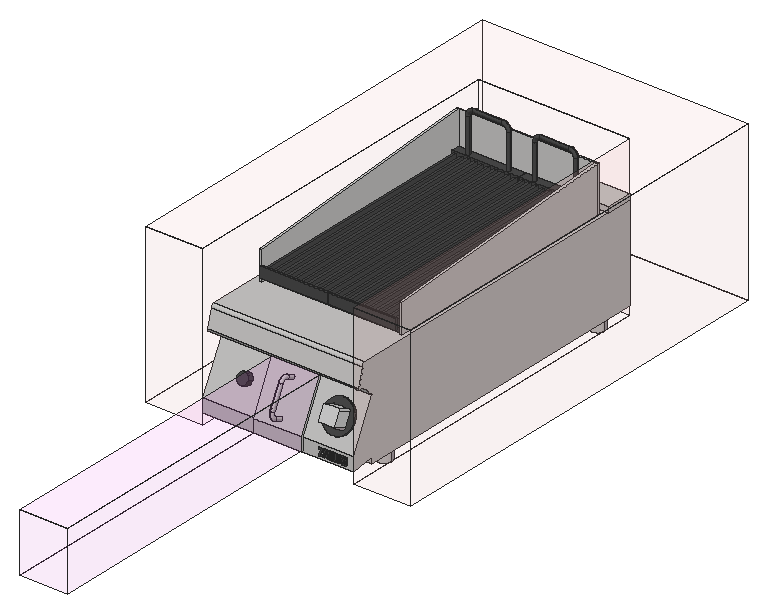
Revit family "QF_ZANUSSI_392186_Z9GRTDGC0P", category Attrezzature speciali, Revit 2020
Family settings
  Quota connettore circolare = Usa diametro
  Tipo di parte = Normale
  Basato su piano di lavoro = No
  Sempre verticale = Sì
  Taglio con vuoti quando caricato = No
  Condiviso = No
  Punto di calcolo locali = No
Parameters (values of type "Standard")
  Weight = 60.00 kg
  Watts = 0 W
  Volts = 0 V
  URL Manufacturer = "http://www.zanussiprofessional.com"
  URL = "http://www.zanussiprofessional.com"
  Steam Supply Size = 0 mm
  Steam Supply Minimum Pressure = 0.0 Pa
  Steam Supply Maximum Pressure = 0.0 Pa
  Steam Consumption per Hour = 0
  Show Logo [instance] = yes
  Show Clearance [instance] = yes
  Refrigeration Suction Line Size = 0 mm
  Refrigeration Liquid Line Size = 0 mm
  Refrigerant Compressor Remote = yes
  Prospetto di default = 0 mm
  Produttore = "Zanussi"
  Phase = 0
  Modello = "Z9GRTDGC0P"
  Length Actual = 400 mm  # constant formula
  Item Number = "392186"
  Hot Water Size = 0 mm
  Height Actual = 250 mm  # constant formula
  HP = "0 HP"
  Gas Size = 19.05 mm
  Gas KW = 10
  Gas Input Pressure = 0.092903 W
  Direct Waste Size = 0 mm
  Descrizione = "GAS GRILL TOP HP 400 MM TOWN GAS"
  Depth Actual = 900 mm  # constant formula
  Cycle = 0 Hz
  Condensate Return Size = 0 mm
  Compressed Air Volume = 0.0 L/s
  Compressed Air Size = 0 mm
  Compressed Air Pressure = 0.0 Pa
  Cold Water Size = 0 mm
  Accessory = yes
Reference planes
  plane 1 "Back": y = 0
  plane 2: z = 0
  plane 3 "Left": x = 0
  plane 4: x = 400
  plane 5: z = 275
  plane 6: x = 552
  plane 7: x = -152
  plane 8: y = 203
  plane 9: x = 200
  plane 10: y = -915
  plane 11: y = -82
  plane 12: y = -790
Forms (mm)
  Extrusion 1, solid, material "QF_Finishes_Clearance", visible <- "Show Clearance"
    sketch origin (0, 0, 0) x (1, 0, 0) y (0, 1, 0)
      loop
        line (-152, -915) -> (0, -915) -> (0, 0) -> (400, 0) -> (400, -915) -> (552, -915) -> (552, 203) -> (-152, 203) -> (-152, -915)
    from 0 to 420
  Extrusion 2, solid, material "QF_Finishes_Stainless Steel"
    sketch origin (0, 0, 1) x (0, 1, 0) y (0, 0, 1)
      loop
        line (0, 23) -> (0, 274) -> (-879.358, 274)
        arc (-879.358, 274) -> (-884.643, 271.811) -> (-886.833, 266.526) r 7.474
        line (-886.833, 266.526) -> (-899.884, 221.011)
        arc (-899.884, 221.011) -> (-899.396, 218.379) -> (-897, 217.184) r 3
        line (-897, 217.184) -> (-886.802, 217.184) -> (-854.982, 185.364) -> (-915, 64.508) -> (-915, 29.508) -> (-858.645, 37.428)
        arc (-858.645, 37.428) -> (-856.101, 36.674) -> (-855, 34.259) r 3.2
        line (-855, 34.259) -> (-855, 23) -> (0, 23)
    from 0 to 400
  Extrusion 3, solid, material "QF_Finishes_Stainless Steel"
    sketch origin (20.1, -89.885, 397) x (0, -1, 0) y (0, 0, -1)
      loop
        line (1, -0.1) -> (656.049, 47.036) -> (656.049, 122) -> (1, 122) -> (1, -0.1)
    from 0 to -6.35
  Extrusion 4, solid, material "QF_Finishes_Stainless Steel"
    sketch origin (380.4, -89.831, 397) x (0, -1, 0) y (0, 0, 1)
      loop
        line (1, 0.1) -> (1, -122) -> (650.169, -122) -> (650.169, -46.613) -> (1, 0.1)
    from 0 to -6.35
  Extrusion 5, solid, material "QF_Finishes_Stainless Steel"
    sketch origin (20.1, -90.885, 275) x (0, 0, 1) y (1, 0, 0)
      loop
        line (0, -6.35) -> (122.1, -6.35) -> (122.1, 366.65) -> (0, 366.65) -> (0, -6.35)
    from 0 to 3.2
  Extrusion 6, solid, material "QF_Finishes_Stainless Steel"
    sketch origin (-452, 0, 275) x (0, -1, 0) y (1, 0, 0)
      loop
        line (0, 852) -> (0, 452) -> (69.85, 452) -> (69.85, 852) -> (0, 852)
    from 0 to 14.3
  Extrusion 7, solid, material "QF_Finishes_Door Clearance", visible <- "Show Clearance"
    sketch origin (814.293, 0, 0) x (-1, 0, 0) y (0, 0, -1)
      loop
        line (550.793, -187.751) -> (677.793, -187.751) -> (677.793, -31.416) -> (550.793, -31.416) -> (550.793, -187.751)
    from 855 to 1692.367
  Extrusion 8, solid, material "QF_Finishes_Stainless Steel"
    sketch origin (-404.042, 9.743, 518) x (-1, 0, 0) y (0, 0, -1)
      loop
        circle (-752.042, 464) r 6.35
    from -1.278 to 9.743
  Extrusion 9, solid, material "QF_Finishes_Stainless Steel"
    sketch origin (-404.042, -199, 14.257) x (-1, 0, 0) y (0, -1, 0)
      loop
        circle (-752.042, 464) r 6.35
    from -1.278 to 9.743
Dimensions and locks
  plane 3 "Left" to plane 4 = 400 mm
  plane 5 to level = 275 mm
  plane 1 "Back" to plane 8 = 203 mm
  plane 4 to plane 6 = 152 mm
  plane 7 to plane 3 "Left" = 152 mm
  equal spacing: plane 3 "Left", plane 9, plane 4
  Extrusion 1 to Extrusion 2 sketch curve = 915 mm
  plane 1 "Back" to plane 10 = 915 mm
  plane 1 "Back" to plane 11 to plane 12 to plane 10 = 82 mm, 708 mm, 125 mm
  aligned and locked: level to plane 2
Automatic sketch dimensions
  Extrusion 1 sketch curve to plane 7 = 0 mm
  Extrusion 1 sketch curve to plane 3 "Left" = 0 mm
  plane 1 "Back" to Extrusion 1 sketch curve = 0 mm
  Extrusion 1 sketch curve to plane 4 = 0 mm
  Extrusion 1 sketch curve to plane 6 = 0 mm
  Extrusion 1 sketch curve to plane 8 = 0 mm
  plane 5 to Extrusion 3 sketch curve = 0 mm
  Extrusion 3 sketch curve to plane 5 = 74.964 mm
  Extrusion 3 sketch curve to plane 5 = 122.1 mm
  plane 5 to Extrusion 4 sketch curve = 0 mm
  Extrusion 4 sketch curve to plane 5 = 75.387 mm
  Extrusion 4 sketch curve to plane 5 = 122.1 mm
  Extrusion 5 sketch curve to Extrusion 3 = 0 mm  (x3)
  Extrusion 5 sketch curve to Extrusion 3 = 366.65 mm
  plane 1 "Back" to Extrusion 6 sketch curve = 0 mm
  Extrusion 6 sketch curve to plane 3 "Left" = 0 mm
  Extrusion 6 sketch curve to plane 4 = 0 mm
  plane 1 "Back" to Extrusion 6 sketch curve = 69.85 mm
  Extrusion 7 sketch curve to level = 31.416 mm
  Extrusion 7 sketch curve to plane 4 = 136.5 mm
  Extrusion 7 sketch curve to Extrusion 7 sketch curve = 127 mm
  Extrusion 7 sketch curve to plane 5 = 87.249 mm
  plane 4 to Extrusion 8 sketch curve = 52 mm
  level to Extrusion 8 sketch curve = 54 mm
  plane 1 "Back" to Extrusion 3 sketch curve = 90.885 mm
  plane 1 "Back" to Extrusion 4 sketch curve = 90.831 mm
  plane 5 to Extrusion 2 sketch curve = 0 mm
  Extrusion 2 sketch curve to plane 1 "Back" = 0 mm
  plane 5 to Extrusion 2 sketch curve = 88.636 mm
  level to Extrusion 2 sketch curve = 24 mm
  Extrusion 2 sketch curve to Extrusion 2 sketch curve = 0.018 mm
  Extrusion 2 sketch curve to Extrusion 2 sketch curve = 3.2 mm
  level to Extrusion 2 sketch curve = 38.428 mm
  Extrusion 2 sketch curve to Extrusion 2 sketch curve = 0.445 mm
  Extrusion 2 sketch curve to Extrusion 2 sketch curve = 24.376 mm
  plane 5 to Extrusion 2 sketch curve = 56.816 mm
  Extrusion 2 sketch curve to Extrusion 2 sketch curve = 31.82 mm
  plane 5 to Extrusion 2 sketch curve = 7.474 mm
  Extrusion 2 sketch curve to Extrusion 2 sketch curve = 10.198 mm
  plane 5 to Extrusion 2 sketch curve = 52.989 mm
  Extrusion 2 sketch curve to Extrusion 2 sketch curve = 2.884 mm
  Extrusion 2 sketch curve to Extrusion 2 sketch curve = 56.355 mm
  level to Extrusion 2 sketch curve = 30.508 mm
  Extrusion 2 sketch curve to Extrusion 2 sketch curve = 35 mm
  Extrusion 1 sketch curve to plane 10 = 0 mm  (x2)
  plane 10 to Extrusion 3 sketch curve = 169.066 mm
  plane 10 to Extrusion 4 sketch curve = 175 mm
  plane 1 "Back" to Extrusion 9 sketch curve = 663 mm
  plane 4 to Extrusion 9 sketch curve = 52 mm
  radius of Extrusion 8 sketch curve = 6.35 mm
  radius of Extrusion 9 sketch curve = 6.35 mm
Nested families
  nested 1: "ZANUSSI_Logo" at (349.92, -915, 96.75) x (1, 0, 0) z (0, -1, 0), Show Logo <- "Show Logo", visible <- "Show Logo", type "ZANUSSI_Logo"
    with Show Logo yes
  nested 2: "CESTELLO_SCOLO_GRIGLIA_ZANUSSI" at (200, -885.009, 125.9) x (1, 0, 0) z (0, -0.8956, 0.4448), type "CESTELLO_SCOLO_GRIGLIA_ZANUSSI"
  nested 3: "CONTROLLER_XP-ZAN" at (387.693, -884.479, 126.966) x (1, 0, 0) z (0, -0.8956, 0.4448), type "CONTROLLER_XP-ZAN"
  nested 4: "Bottone NERO" at (91.5, -884.479, 126.966) x (-1, 0, 0) z (0, -0.8956, 0.4448), type "Bottone NERO"
  nested 5: "GRIGLIA_ZANUSSI_MONO_660Depth" at (110.256, -363.09, 275), type "GRIGLIA_ZANUSSI_MONO_660Depth"
  nested 6: "GRIGLIA_ZANUSSI_MONO_660Depth" at (290.319, -363.09, 275) x (-1, 0, 0) z (0, 0, 1), type "GRIGLIA_ZANUSSI_MONO_660Depth"
  nested 7: "Piedino 24x19 mm" at (19, -82, 0) x (-1, 0, 0) z (0, 0, 1), type "Piedino 24x19 mm"
  nested 8: "Piedino 24x19 mm" at (19, -790, 0) x (-1, 0, 0) z (0, 0, 1), type "Piedino 24x19 mm"
  nested 9: "Piedino 24x19 mm" at (381, -82, 0), type "Piedino 24x19 mm"
  nested 10: "Piedino 24x19 mm" at (381, -790, 0), type "Piedino 24x19 mm"
Connectors
  piping at (348, 11.021, 54), diameter 19.05, driven by "Gas Size"
    settings: on Extrusion 8, index 13, connector inside diameter 12.8 mm, connector length 0 mm, flow factor 0, pipe flow 0.0 L/s, pressure drop 0.0 Pa, fitting loss kfactor 0, connector angle 0.00°, fixture units 0, engagement length 0 mm, angle of deflection 0.00°, flow configuration 1, flow direction 1, fitting loss method 0, system type 29, joint type 0, gender type 0, connector reference index -1, connector utility 0, adjustable connector no, is connector primary yes, connector description "Gas Connection"
  piping at (348, -663, 12.979), diameter 19.05, driven by "Gas Size"
    settings: on Extrusion 9, index 14, connector inside diameter 12.8 mm, connector length 0 mm, flow factor 0, pipe flow 0.0 L/s, pressure drop 0.0 Pa, fitting loss kfactor 0, connector angle 0.00°, fixture units 0, engagement length 0 mm, angle of deflection 0.00°, flow configuration 1, flow direction 1, fitting loss method 0, system type 29, joint type 0, gender type 0, connector reference index -1, connector utility 0, adjustable connector no, is connector primary no, connector description "Gas Connection"
Definition of nested family "ZANUSSI_Logo"
  Parameters (values of type "ZANUSSI_Logo")
    Show Logo [instance] = yes
    Default Elevation = 1219.2 mm
  Reference planes
    plane 1 "Center (Front/Back)": y = -49
    plane 2: z = 0
    plane 3 "Center (Left/Right)": x = -9.92
  Forms (mm)
    Extrusion 1, solid
      sketch origin (0, 0, 0) x (1, 0, 0) y (0, 1, 0)
        loop
          line (-1219.2, 1219.2) -> (-1219.2, -1219.2) -> (1219.2, -1219.2) -> (1219.2, 1219.2) -> (-1219.2, 1219.2)
      from 0 to -304.8
    Extrusion 2, solid, visible <- "Show Logo"
      sketch origin (106.353, -215.165, -50) x (1, 0, 0) y (0, 1, 0)
        loop
          line (-137.419, 156.48) -> (-137.419, 160.444) -> (-143.365, 160.444) -> (-137.419, 172.566) -> (-137.419, 175.851) -> (-147.274, 175.851) -> (-147.274, 172.226) -> (-142.063, 172.339) -> (-147.728, 160.444) -> (-147.728, 156.48) -> (-137.419, 156.48)
        loop
          line (-131.729, 163.73) -> (-129.463, 163.73) -> (-130.596, 172.54) -> (-131.729, 163.73)
        loop
          line (-132.748, 156.48) -> (-132.182, 160.218) -> (-128.897, 160.218) -> (-128.33, 156.48) -> (-124.252, 156.48) -> (-127.877, 175.851) -> (-133.315, 175.851) -> (-136.826, 156.48) -> (-132.748, 156.48)
        loop
          line (-123.75, 175.851) -> (-123.75, 156.48) -> (-120.238, 156.48) -> (-120.238, 169.281) -> (-116.953, 156.48) -> (-112.648, 156.48) -> (-112.648, 175.851) -> (-116.273, 175.851) -> (-116.273, 163.503) -> (-119.558, 175.851) -> (-123.75, 175.851)
        loop
          arc (-111.742, 161.27) -> (-106.896, 156.448) -> (-101.433, 160.558) r 5.22
          line (-101.433, 160.558) -> (-101.433, 175.851) -> (-105.398, 175.851) -> (-105.398, 161.464)
          arc (-105.398, 161.464) -> (-106.44, 160.263) -> (-107.777, 161.124) r 1.214
          line (-107.777, 161.124) -> (-107.777, 175.851) -> (-111.742, 175.851) -> (-111.742, 161.27)
        loop
          line (-94.069, 169.734) -> (-90.331, 169.734) -> (-90.269, 171.495)
          arc (-90.269, 171.495) -> (-90.53, 173.458) -> (-91.761, 175.009) r 3.719
          arc (-91.761, 175.009) -> (-95.38, 176.189) -> (-98.998, 175.009) r 6.139
          arc (-98.998, 175.009) -> (-100.474, 172.145) -> (-100.291, 168.927) r 6.125
          arc (-100.291, 168.927) -> (-99.079, 167.149) -> (-97.591, 165.594) r 13.068
          line (-97.591, 165.594) -> (-95.921, 164.113)
          arc (-95.921, 164.113) -> (-94.934, 163.275) -> (-94.167, 162.233) r 5.571
          arc (-94.167, 162.233) -> (-94.357, 160.41) -> (-96.143, 160.003) r 1.573
          arc (-96.143, 160.003) -> (-96.681, 160.547) -> (-96.911, 161.277) r 1.631
          arc (-96.911, 161.277) -> (-96.929, 161.791) -> (-96.911, 162.305) r 7.441
          arc (-96.911, 162.305) -> (-96.895, 162.791) -> (-96.911, 163.277) r 7.03
          line (-96.911, 163.277) -> (-100.866, 163.277)
          arc (-100.866, 163.277) -> (-100.828, 160.504) -> (-99.735, 157.955) r 7.131
          arc (-99.735, 157.955) -> (-94.571, 156.484) -> (-90.221, 159.633) r 6.148
          arc (-90.221, 159.633) -> (-90.141, 162.884) -> (-91.536, 165.823) r 7.021
          line (-91.536, 165.823) -> (-95.882, 169.734)
          arc (-95.882, 169.734) -> (-96.47, 170.472) -> (-96.785, 171.362) r 2.858
          arc (-96.785, 171.362) -> (-95.666, 172.959) -> (-94.069, 171.84) r 1.379
          line (-94.069, 171.84) -> (-94.069, 169.734)
        loop
          line (-82.771, 169.734) -> (-79.033, 169.734) -> (-78.971, 171.495)
          arc (-78.971, 171.495) -> (-79.232, 173.458) -> (-80.463, 175.009) r 3.719
          arc (-80.463, 175.009) -> (-84.081, 176.189) -> (-87.7, 175.009) r 6.139
          arc (-87.7, 175.009) -> (-89.175, 172.145) -> (-88.993, 168.927) r 6.125
          arc (-88.993, 168.927) -> (-87.781, 167.149) -> (-86.293, 165.594) r 13.068
          line (-86.293, 165.594) -> (-84.623, 164.113)
          arc (-84.623, 164.113) -> (-83.636, 163.275) -> (-82.869, 162.233) r 5.571
          arc (-82.869, 162.233) -> (-83.059, 160.41) -> (-84.845, 160.003) r 1.573
          arc (-84.845, 160.003) -> (-85.383, 160.547) -> (-85.613, 161.277) r 1.631
          arc (-85.613, 161.277) -> (-85.631, 161.791) -> (-85.613, 162.305) r 7.441
          arc (-85.613, 162.305) -> (-85.596, 162.791) -> (-85.613, 163.277) r 7.03
          line (-85.613, 163.277) -> (-89.568, 163.277)
          arc (-89.568, 163.277) -> (-89.53, 160.504) -> (-88.437, 157.955) r 7.131
          arc (-88.437, 157.955) -> (-83.272, 156.484) -> (-78.922, 159.633) r 6.148
          arc (-78.922, 159.633) -> (-78.843, 162.884) -> (-80.238, 165.823) r 7.021
          line (-80.238, 165.823) -> (-84.584, 169.734)
          arc (-84.584, 169.734) -> (-85.171, 170.472) -> (-85.486, 171.362) r 2.858
          arc (-85.486, 171.362) -> (-84.368, 172.959) -> (-82.771, 171.84) r 1.379
          line (-82.771, 171.84) -> (-82.771, 169.734)
        loop
          line (-78.21, 175.851) -> (-78.21, 156.48) -> (-74.245, 156.48) -> (-74.245, 175.851) -> (-78.21, 175.851)
      from 50 to 51.6
  Dimensions and locks
    aligned and locked: plane 2 to Extrusion 1
    aligned and locked: level to Extrusion 1
Definition of nested family "CESTELLO_SCOLO_GRIGLIA_ZANUSSI"
  Parameters (values of type "CESTELLO_SCOLO_GRIGLIA_ZANUSSI")
    Default Elevation = 1219.2 mm
  Reference planes
    plane 1 "Centro (Fronte/Retro)": y = 0
    plane 2: z = 0
    plane 3 "Centro (Sinistra/Destra)": x = 0
  Forms (mm)
    Extrusion 1, solid
      sketch origin (0, 0, 0) x (1, 0, 0) y (0, 1, 0)
        loop
          line (-1219.2, 1219.2) -> (-1219.2, -1219.2) -> (1219.2, -1219.2) -> (1219.2, 1219.2) -> (-1219.2, 1219.2)
      from 0 to -304.8
    Extrusion 2, solid
      sketch origin (-63.5, 192.203, -669.358) x (0, 0.444781, -0.895639) y (0, 0.895639, 0.444781)
        loop
          line (-715, 65.146) -> (-654.982, 186.002) -> (-657.848, 187.425) -> (-718.2, 65.896) -> (-718.2, 31.09) -> (-715, 31.09) -> (-715, 65.146)
      from 0 to 127
    Sweep 3, solid
      path origin (0, -276.871, -339.577) x (0, 0, 1) y (0, 1, 0)
        loop
          line (342.777, 319.476) -> (364.027, 319.476)
          arc (364.027, 319.476) -> (374.803, 315.013) -> (379.267, 304.236) r 15.24
          line (379.267, 304.236) -> (379.267, 243.044)
          arc (379.267, 243.044) -> (374.803, 232.267) -> (364.027, 227.804) r 15.24
          line (364.027, 227.804) -> (342.777, 227.804)
      profile origin (0, 42.606, 13.825) x (0, 1, 0) y (-1, 0, 0)
        loop
          circle (0, 0) r 4.572
  Cuts and joins
    joined: Extrusion 2, Sweep 3
  Dimensions and locks
    aligned and locked: plane 2 to Extrusion 1
    aligned and locked: level to Extrusion 1
Definition of nested family "CONTROLLER_XP-ZAN"
  Parameters (values of type "CONTROLLER_XP-ZAN")
    Default Elevation = 0 mm
  Reference planes
    plane 1 "Centro (Fronte/Retro)": y = 0
    plane 2: z = 0
    plane 3 "Centro (Sinistra/Destra)": x = 0
    plane 4: x = -51.067
    plane 5: x = 51.067
    plane 6: x = 93.481
    plane 7: x = -93.481
  Forms (mm)
    Extrusion 1, solid
      sketch origin (0, 0, 0) x (1, 0, 0) y (0, 1, 0)
        loop
          line (-1219.2, 1219.2) -> (-1219.2, -1219.2) -> (1219.2, -1219.2) -> (1219.2, 1219.2) -> (-1219.2, 1219.2)
      from 0 to -304.8
    Extrusion 2, solid
      sketch origin (-46.381, -48.923, 0) x (1, 0, 0) y (0, 1, 0)
        loop
          circle (-4.687, 48.923) r 42.414
      from 0 to 3.175
    Blend 3, solid
      base sketch origin (-46.381, -48.923, 3.175) x (1, 0, 0) y (0, 1, 0)
        loop
          line (-23.687, 25.923) -> (14.313, 25.923)
          arc (14.313, 25.923) -> (17.142, 27.095) -> (18.313, 29.923) r 4
          line (18.313, 29.923) -> (18.313, 66.519)
          arc (18.313, 66.519) -> (17.342, 69.132) -> (14.901, 70.476) r 4
          arc (14.901, 70.476) -> (-4.687, 71.923) -> (-24.275, 70.476) r 133.25
          arc (-24.275, 70.476) -> (-26.716, 69.132) -> (-27.687, 66.519) r 4
          line (-27.687, 66.519) -> (-27.687, 29.923)
          arc (-27.687, 29.923) -> (-26.515, 27.095) -> (-23.687, 25.923) r 4
      top sketch origin (-46.381, -48.923, 3.175) x (1, 0, 0) y (0, 1, 0)
        loop
          line (-25.687, 66.519) -> (-25.687, 29.923)
          arc (-25.687, 29.923) -> (-25.101, 28.509) -> (-23.687, 27.923) r 2
          line (-23.687, 27.923) -> (14.313, 27.923)
          arc (14.313, 27.923) -> (15.727, 28.509) -> (16.313, 29.923) r 2
          line (16.313, 29.923) -> (16.313, 66.519)
          arc (16.313, 66.519) -> (15.828, 67.825) -> (14.607, 68.498) r 2
          arc (14.607, 68.498) -> (-4.687, 69.923) -> (-23.981, 68.498) r 131.25
          arc (-23.981, 68.498) -> (-25.201, 67.825) -> (-25.687, 66.519) r 2
      from 0 to 33
  Lines and regions (mm)
    Split face 1
      outline origin (-46.381, -48.923, 36.175) x (1, 0, 0) y (0, 1, 0)
        loop
          line (-6.687, 69.908) -> (-6.687, 62.923) -> (-2.687, 62.923) -> (-2.687, 69.908)
  Dimensions and locks
    aligned and locked: plane 2 to Extrusion 1
    aligned and locked: level to Extrusion 1
Definition of nested family "Bottone NERO"
  Parameters (values of type "Bottone NERO")
    Default Elevation = 1219.2 mm
  Reference planes
    plane 1 "Centro (Fronte/Retro)": y = 0
    plane 2: z = 0
    plane 3 "Centro (Sinistra/Destra)": x = 0
  Forms (mm)
    Extrusion 1, solid
      sketch origin (0, 0, 0) x (1, 0, 0) y (0, 1, 0)
        loop
          line (-1219.2, 1219.2) -> (-1219.2, -1219.2) -> (1219.2, -1219.2) -> (1219.2, 1219.2) -> (-1219.2, 1219.2)
      from 0 to -304.8
    Extrusion 2, solid
      sketch origin (0, 0, 0) x (1, 0, 0) y (0, 1, 0)
        loop
          circle (1.032, 2.31) r 15
      from 0 to 15
  Dimensions and locks
    aligned and locked: plane 2 to Extrusion 1
    aligned and locked: level to Extrusion 1
Definition of nested family "GRIGLIA_ZANUSSI_MONO_660Depth"
  Parameters (values of type "GRIGLIA_ZANUSSI_MONO_660Depth")
    Default Elevation = 1219.2 mm
  Reference planes
    plane 1 "Centro (Fronte/Retro)": y = 0
    plane 2: z = 0
    plane 3 "Centro (Sinistra/Destra)": x = 0
  Forms (mm)
    Extrusion 1, solid
      sketch origin (0, 0, 0) x (1, 0, 0) y (0, 1, 0)
        loop
          line (-1219.2, 1219.2) -> (-1219.2, -1219.2) -> (1219.2, -1219.2) -> (1219.2, 1219.2) -> (-1219.2, 1219.2)
      from 0 to -304.8
    Sweep 2, solid
      path origin (266.822, 254.728, -243.735) x (0, 0, 1) y (-1, 0, 0)
        loop
          line (280.865, 319.476) -> (372.777, 319.476)
          arc (372.777, 319.476) -> (383.553, 315.013) -> (388.017, 304.236) r 15.24
          line (388.017, 304.236) -> (388.017, 226.794)
          arc (388.017, 226.794) -> (383.553, 216.017) -> (372.777, 211.554) r 15.24
          line (372.777, 211.554) -> (280.865, 211.554)
      profile origin (-52.654, 254.728, 83.087) x (-1, 0, 0) y (0, -1, 0)
        loop
          circle (0, 0) r 4.572
    Extrusion 3, solid
      sketch origin (-1073.344, 376, 0) x (0, -1, 0) y (1, 0, 0)
        loop
          line (748.856, 1163.375) -> (130.285, 1163.375) -> (130.285, 983.313) -> (748.856, 983.313) -> (748.856, 1163.375)
      from 0 to 12.7
    Extrusion 4, solid
      sketch origin (-1073.344, 376, 0) x (0, -1, 0) y (1, 0, 0)
        loop
          line (130.285, 1163.375) -> (107.795, 1163.375) -> (107.795, 983.313) -> (130.285, 983.313) -> (130.285, 1163.375)
      from 0 to 37.056
    Extrusion 5, solid
      sketch origin (-621.173, -384.795, 11.113) x (-0.153405, 0, 0.988163) y (-0.988163, 0, -0.153405)
        loop
          line (-107.534, -703.03) -> (-80.094, -707.289) -> (-52.464, -529.309) -> (-79.904, -525.049) -> (-107.534, -703.03)
      from -0.51 to 5
  Dimensions and locks
    Extrusion 5 to Extrusion 4 = 658 mm
    aligned and locked: plane 2 to Extrusion 1
    aligned and locked: level to Extrusion 1
  Nested families
    nested 1: "QF_372043_GRILL" at (-86.932, 245.715, 12.7), type "QF_372043_GRILL"
      with Type Mark "", Specification by User "", Revision Code "", Item Number "", Installed By "", Identify Quantity as Lot yes, Furnished By "", Foodservice Equipment Identifier yes
    nested 2: "QF_372043_GRILL" at (74.147, 245.715, 12.7), type "QF_372043_GRILL"
      with Type Mark "", Specification by User "", Revision Code "", Item Number "", Installed By "", Identify Quantity as Lot yes, Furnished By "", Foodservice Equipment Identifier yes
    nested 3: "QF_372043_GRILL" at (-69.034, 245.715, 12.7), type "QF_372043_GRILL"
      with Type Mark "", Specification by User "", Revision Code "", Item Number "", Installed By "", Identify Quantity as Lot yes, Furnished By "", Foodservice Equipment Identifier yes
    nested 4: "QF_372043_GRILL" at (-51.137, 245.715, 12.7), type "QF_372043_GRILL"
      with Type Mark "", Specification by User "", Revision Code "", Item Number "", Installed By "", Identify Quantity as Lot yes, Furnished By "", Foodservice Equipment Identifier yes
    nested 5: "QF_372043_GRILL" at (-33.239, 245.715, 12.7), type "QF_372043_GRILL"
      with Type Mark "", Specification by User "", Revision Code "", Item Number "", Installed By "", Identify Quantity as Lot yes, Furnished By "", Foodservice Equipment Identifier yes
    nested 6: "QF_372043_GRILL" at (-15.341, 245.715, 12.7), type "QF_372043_GRILL"
      with Type Mark "", Specification by User "", Revision Code "", Item Number "", Installed By "", Identify Quantity as Lot yes, Furnished By "", Foodservice Equipment Identifier yes
    nested 7: "QF_372043_GRILL" at (2.556, 245.715, 12.7), type "QF_372043_GRILL"
      with Type Mark "", Specification by User "", Revision Code "", Item Number "", Installed By "", Identify Quantity as Lot yes, Furnished By "", Foodservice Equipment Identifier yes
    nested 8: "QF_372043_GRILL" at (20.454, 245.715, 12.7), type "QF_372043_GRILL"
      with Type Mark "", Specification by User "", Revision Code "", Item Number "", Installed By "", Identify Quantity as Lot yes, Furnished By "", Foodservice Equipment Identifier yes
    nested 9: "QF_372043_GRILL" at (38.352, 245.715, 12.7), type "QF_372043_GRILL"
      with Type Mark "", Specification by User "", Revision Code "", Item Number "", Installed By "", Identify Quantity as Lot yes, Furnished By "", Foodservice Equipment Identifier yes
    nested 10: "QF_372043_GRILL" at (56.249, 245.715, 12.7), type "QF_372043_GRILL"
      with Type Mark "", Specification by User "", Revision Code "", Item Number "", Installed By "", Identify Quantity as Lot yes, Furnished By "", Foodservice Equipment Identifier yes
  Definition of nested family "QF_372043_GRILL"
    Parameters (values of type "QF_372043_GRILL")
      Weight in Pounds = 0
      URL Cutsheet = ""
      URL = ""
      Type Mark [instance] = ""
      Specification by User [instance] = ""
      Specification by Manufacturer = ""
      Serial Number = ""
      Seismic Rating = ""
      SMACNA No = ""
      Revision Code [instance] = ""
      Default Elevation = 0 mm
      Omniclass Number and Title = ""
      NAFEM Spec ID Number = ""
      Model = "372043"
      Masterspec = ""
      Manufacturer = ""
      Item Number [instance] = ""
      Installed By [instance] = ""
      Identify Quantity as Lot [instance] = yes
      Furnished By [instance] = ""
      Foodservice Equipment Identifier [instance] = yes
      Description = ""
      CSI MasterFormat = ""
      CSI Master Format = ""
      Assembly Code = ""
    Reference planes
      plane 1 "BACK": y = 0
      plane 2: z = 0
      plane 3 "LEFT": x = 0
      plane 4 "RIGHT": x = 12.7
      plane 5 "FRONT": y = -630
      plane 6 "TOP": z = 19.576
      plane 7 "Center Y": x = 6.35
      plane 8 "Center X": y = -315
    Forms (mm)
      Extrusion 1, solid
        sketch origin (-1.421, -501.68, -12.7) x (1, 0, 0) y (0, 0, 1)
          loop
            line (1.421, 12.7) -> (14.121, 12.7) -> (11.081, 32.276) -> (4.46, 32.276) -> (1.421, 12.7)
        from 128.32 to -501.68
    Dimensions and locks
      equal spacing: plane 3 "LEFT", plane 7 "Center Y", plane 4 "RIGHT"
      plane 3 "LEFT" to plane 4 "RIGHT" = 12.7 mm
      equal spacing: plane 5 "FRONT", plane 8 "Center X", plane 1 "BACK"
      plane 5 "FRONT" to plane 1 "BACK" = 630 mm
      plane 6 "TOP" to level = 19.576 mm
      plane 1 "BACK" to plane 5 "FRONT" = 630 mm
      aligned and locked: level to plane 2
      aligned and locked: plane 5 "FRONT" to Extrusion 1
    Automatic sketch dimensions
      Extrusion 1 sketch curve to level = 0 mm
      Extrusion 1 sketch curve to plane 3 "LEFT" = 0 mm
      Extrusion 1 sketch curve to plane 6 "TOP" = 0 mm
      Extrusion 1 sketch curve to plane 4 "RIGHT" = 0 mm
      plane 3 "LEFT" to Extrusion 1 sketch curve = 3.039 mm
      Extrusion 1 sketch curve to plane 4 "RIGHT" = 3.039 mm
Definition of nested family "Piedino 24x19 mm"
  Parameters (values of type "Piedino 24x19 mm")
    Default Elevation = 0 mm
    P = 930 mm
    L = 400 mm
    H = 290 mm
  Reference planes
    plane 1: y = 0
    plane 2: z = 0
    plane 3: x = 0
    plane 4: z = 290
    plane 5: z = 24
    plane 6: z = 55
  Forms (mm)
    Extrusion 1, solid
      sketch origin (-373.847, 979.72, 0) x (1, 0, 0) y (0, 1, 0)
        loop
          circle (373.847, -979.72) r 19
      from 0 to 24
  Dimensions and locks
    "H": plane 4 to level
    plane 4 to plane 5 to level = 266 mm, 24 mm
    level to plane 6 = 55 mm
    aligned and locked: level to plane 2
  Automatic sketch dimensions
    plane 3 to Extrusion 1 sketch curve = 0 mm
    plane 1 to Extrusion 1 sketch curve = 0 mm
    radius of Extrusion 1 sketch curve = 19 mm
